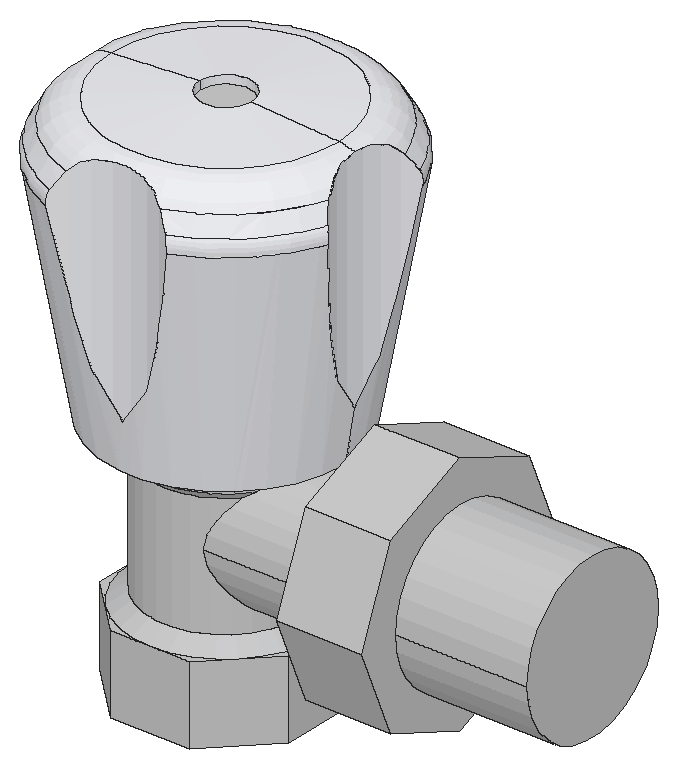
Revit family "PA_Арматура трубопроводов [Клапан регулирующий угловой компактный, VT.007.LN]1 - VALTEC", category Арматура трубопроводов, Revit 2018
Family settings
  Размер круглого соединителя = Использовать диаметр
  Тип детали = Вставляется
  На основе рабочей плоскости = Нет
  Всегда вертикально = Да
  При загрузке вырезать с полостями = Нет
  Общий = Нет
Parameters (values of type "VT.007.LN")
  Таблица 2 = "PA_Арматура трубопроводов [Клапан регулирующий угловой компактный, VT.007.LN] - VALTEC - Таблица 2"  # constant formula
  Таблица 1 = "PA_Арматура трубопроводов [Клапан регулирующий угловой компактный, VT.007.LN] - VALTEC - Таблица 1"  # constant formula
  Материал доп.1 = Пластик белый - VALTEC
  Изготовитель = "VALTEC"  # constant formula
  d8 [instance] = size_lookup(Таблица 1, "d8", 0 mm, d)  # 21.8 mm
  d7 [instance] = size_lookup(Таблица 1, "d7", 0 mm, d)  # 32.7 mm
  d6 [instance] = size_lookup(Таблица 1, "d6", 0 mm, d)  # 25.6 mm
  b6 [instance] = size_lookup(Таблица 1, "b6", 0 mm, d)  # 0.8 mm
  b5 [instance] = size_lookup(Таблица 1, "b5", 0 mm, d)  # 2.4 mm
  b4 [instance] = size_lookup(Таблица 1, "b4", 0 mm, d)  # 0.8 mm
  b3 [instance] = size_lookup(Таблица 1, "b3", 0 mm, d)  # 16.3 mm
  a5 [instance] = size_lookup(Таблица 1, "a5", 0 mm, d)  # 11.8 mm
  a4 [instance] = size_lookup(Таблица 1, "a4", 0 mm, d)  # 5.9 mm
  D [instance] = size_lookup(Таблица 1, "D", 0 mm, d)  # 22 mm
  C [instance] = size_lookup(Таблица 1, "C", 0 mm, d)  # 19 mm
  B [instance] = size_lookup(Таблица 1, "B", 0 mm, d)  # 45 mm
  b2 [instance] = size_lookup(Таблица 1, "b2", 0 mm, d)  # 1.6 mm
  d5 [instance] = size_lookup(Таблица 1, "d5", 0 mm, d)  # 18.6 mm
  d4 [instance] = size_lookup(Таблица 1, "d4", 0 mm, d)  # 23.1 mm
  d3 [instance] = size_lookup(Таблица 1, "d3", 0 mm, d)  # 21.6 mm
  d2 [instance] = size_lookup(Таблица 1, "d2", 0 mm, d)  # 20.5 mm
  d1 [instance] = size_lookup(Таблица 1, "d1", 0 mm, d)  # 25.3 mm
  d [instance] = 15 mm
  b1 [instance] = size_lookup(Таблица 1, "b1", 0 mm, d)  # 10.4 mm
  a3 [instance] = size_lookup(Таблица 1, "a3", 0 mm, d)  # 11.4 mm
  a2 [instance] = size_lookup(Таблица 1, "a2", 0 mm, d)  # 1.3 mm
  a1 [instance] = size_lookup(Таблица 1, "a1", 0 mm, d)  # 18.6 mm
  URL = "https://valtec.ru/"
  ADSK_Расход жидкости [instance] = 0.0 L/s
  ADSK_Примечание [instance] = ""
  ADSK_Потеря давления жидкости [instance] = 0.0 Pa
  ADSK_Позиция [instance] = ""
  ADSK_Обозначение [instance] = "VT.007.LN"  # constant formula
  ADSK_Наименование [instance] = size_lookup(Таблица 1, "", "Данный типоразмер отсутствует", d)  # "Клапан регулирующий угловой компактный, 1/2\""
  ADSK_Материал = Сталь, нержавеющая - VALTEC
  ADSK_Масса [instance] = if(d = 15 mm, 0.18, if(d = 20 mm, 0.31, 0))  # 0.18
  ADSK_Марка [instance] = size_lookup(Таблица 2, "", "Данный типоразмер отсутствует", d)  # "VT.007.LN.04"
  ADSK_Код изделия [instance] = size_lookup(Таблица 2, "", "Данный типоразмер отсутствует", d)  # "VT.007.LN.04"
  ADSK_Завод-изготовитель [instance] = Изготовитель  # "VALTEC"
  ADSK_Единица измерения [instance] = "шт."  # constant formula
  ADSK_URL страницы изделия = "https://valtec.ru/catalog/radiatornaya_armatura/ruchnye_klapany_dlya_radiatorov/klapan_reguliruyushij_uglovoj_vt007ln.html"
  ADSK_URL документации изделия = "https://valtec.ru/document/technical/VT.007-008-ln-0419.pdf"
  A [instance] = size_lookup(Таблица 1, "A", 0 mm, d)  # 49 mm
Reference planes
  plane 1 "По центру (Вперед/Назад)": y = 0
  plane 2: z = 0
  plane 3 "По центру (Влево/Вправо)": x = 0
  plane 4: x = -19
  plane 5: z = -22
  plane 6: x = 49
  plane 7: z = -11.6
  plane 8: z = -10
  plane 9: z = 6.3
  plane 10: z = 7.1
  plane 11: z = 9.5
  plane 12: z = 10.3
  plane 13: x = 19.9
  plane 14: x = 31.3
  plane 15: x = 37.2
  plane 16: x = 49
  plane 17: x = 18.6
Forms (mm)
  Blend 1, solid, material "Сталь, нержавеющая - VALTEC" <- "ADSK_Материал", detail levels medium+fine
    base sketch origin (0, 0, 0) x (1, 0, 0) y (0, 1, 0)
      loop
        circle (0, 0) r 12.65
    top sketch origin (0, 0, 0) x (1, 0, 0) y (0, 1, 0)
      loop
        circle (0, 0) r 10.25
    from -11.6 to -10
  Extrusion 2, solid, material "Сталь, нержавеющая - VALTEC" <- "ADSK_Материал", detail levels medium+fine
    sketch origin (0, 0, 0) x (1, 0, 0) y (0, 1, 0)
      loop
        circle (0, 0) r 10.25
    from 6.3 to -10
  Blend 3, solid, material "Сталь, нержавеющая - VALTEC" <- "ADSK_Материал", detail levels medium+fine
    base sketch origin (0, 0, 0) x (1, 0, 0) y (0, 1, 0)
      loop
        circle (0, 0) r 10.25
    top sketch origin (0, 0, 0) x (1, 0, 0) y (0, 1, 0)
      loop
        circle (0, 0) r 10.8
    from 6.3 to 7.1
  Extrusion 4, solid, material "Сталь, нержавеющая - VALTEC" <- "ADSK_Материал", detail levels medium+fine
    sketch origin (0, 0, 0) x (1, 0, 0) y (0, 1, 0)
      loop
        circle (0, 0) r 10.8
    from 7.1 to 9.5
  Blend 5, solid, material "Сталь, нержавеющая - VALTEC" <- "ADSK_Материал", detail levels medium+fine
    base sketch origin (0, 0, 0) x (1, 0, 0) y (0, 1, 0)
      loop
        circle (0, 0) r 10.8
    top sketch origin (0, 0, 0) x (1, 0, 0) y (0, 1, 0)
      loop
        circle (0, 0) r 11.55
    from 9.5 to 10.3
  Extrusion 6, solid, material "Сталь, нержавеющая - VALTEC" <- "ADSK_Материал", detail levels medium+fine
    sketch origin (0, 0, 0) x (0, 1, 0) y (0, 0, 1)
      loop
        circle (0, 0) r 9.3
    from 0 to 18.6
  Blend 7, solid, material "Сталь, нержавеющая - VALTEC" <- "ADSK_Материал", detail levels medium+fine
    base sketch origin (0, 0, 0) x (0, 1, 0) y (0, 0, 1)
      loop
        circle (0, 0) r 9.3
    top sketch origin (0, 0, 0) x (0, 1, 0) y (0, 0, 1)
      loop
        circle (0, 0) r 12.8
    from 18.6 to 19.9
  Extrusion 8, solid, material "Сталь, нержавеющая - VALTEC" <- "ADSK_Материал", detail levels medium+fine
    sketch origin (0, 0, 0) x (0, 1, 0) y (0, 0, 1)
      loop
        circle (0, 0) r 10.9
    from 31.3 to 49
Cuts and joins
  joined: Blend 1, Extrusion 2, Blend 3, Extrusion 4, Blend 5, Extrusion 6, Blend 7, Extrusion 8
Lines and regions (mm)
  reference lines
    curve 1: line (0, 0, 0) -> (0, 0, -22)
    curve 2: line (0, 0, 0) -> (37.2, 0, 0)
  model lines, detail levels coarse
    curve 3: line (-15, 0, -22) -> (15, 0, -22)
    curve 4: line (15, 0, -22) -> (0, 0, 0)
    curve 5: line (0, 0, 0) -> (-15, 0, -22)
    curve 6: line (22, 0, -15) -> (22, 0, 15)
    curve 7: line (22, 0, 15) -> (0, 0, 0)
    curve 8: line (0, 0, 0) -> (22, 0, -15)
    curve 9: line (22, 0, 0) -> (37.2, 0, 0)
    curve 16: line (0, 0, 45) -> (0, 0, 0)
    curve 17: line (0, 0, 0) -> (-10, 0, 17.321)
    curve 18: line (0, 0, 0) -> (10, 0, 17.321)
  symbolic lines, detail levels coarse
    curve 10: line (-15, -22, 0) -> (15, -22, 0)
    curve 11: line (22, -15, 0) -> (22, 15, 0)
    curve 12: line (-15, -22, 0) -> (0, 0, 0)
    curve 13: line (15, -22, 0) -> (0, 0, 0)
    curve 14: line (0, 0, 0) -> (22, 15, 0)
    curve 15: line (22, -15, 0) -> (0, 0, 0)
    curve 19: line (0, 0, 0) -> (0, 45, 0)
    curve 20: line (0, 0, 0) -> (-10, 17.321, 0)
    curve 21: line (0, 0, 0) -> (10, 17.321, 0)
Dimensions and locks
  "C": plane 3 "По центру (Влево/Вправо)" to plane 4
  "D": plane 2 to plane 5
  "A": plane 3 "По центру (Влево/Вправо)" to plane 6
  "b1": plane 7 to plane 5
  "b2": plane 8 to plane 7
  "b3": plane 9 to plane 8
  "b4": plane 10 to plane 9
  "b5": plane 11 to plane 10
  "b6": plane 12 to plane 11
  "a1": plane 17 to plane 3 "По центру (Влево/Вправо)"
  "a2": plane 17 to plane 13
  "a3": plane 13 to plane 14
  "a4": plane 14 to plane 15
  "a5": plane 15 to plane 16
  "D": curve 6 to plane 3 "По центру (Влево/Вправо)"
  "D": plane 3 "По центру (Влево/Вправо)" to curve 11
  "D": curve 10 to plane 1 "По центру (Вперед/Назад)"
  locked: plane 3 "По центру (Влево/Вправо)" to curve 5 at 15
  locked: curve 4 to plane 3 "По центру (Влево/Вправо)" at 15
  locked: curve 7 to level at 15
  locked: level to curve 8 at 15
  locked: curve 12 to plane 3 "По центру (Влево/Вправо)" at 15
  locked: plane 3 "По центру (Влево/Вправо)" to curve 13 at 15
  locked: plane 1 "По центру (Вперед/Назад)" to curve 14 at 15
  locked: curve 15 to plane 1 "По центру (Вперед/Назад)" at 15
  "B": curve 16 to curve 16
  "B": plane 1 "По центру (Вперед/Назад)" to curve 19
  "d1": diameter of Blend 1 sketch curve
  "d2": diameter of Blend 1 sketch curve
  "d2": diameter of Extrusion 2 sketch curve
  "d2": diameter of Blend 3 sketch curve
  "d3": diameter of Blend 3 sketch curve
  "d3": diameter of Extrusion 4 sketch curve
  "d3": diameter of Blend 5 sketch curve
  "d4": diameter of Blend 5 sketch curve
  "d5": diameter of Extrusion 6 sketch curve
  "d5": diameter of Blend 7 sketch curve
  "d6": diameter of Blend 7 sketch curve
  "d8": diameter of Extrusion 8 sketch curve
  locked: plane 3 "По центру (Влево/Вправо)" to curve 17 (angle 30.00°)
  locked: curve 18 to plane 3 "По центру (Влево/Вправо)" (angle 30.00°)
  locked: plane 3 "По центру (Влево/Вправо)" to curve 20 (angle 30.00°)
  locked: curve 21 to plane 3 "По центру (Влево/Вправо)" (angle 30.00°)
  aligned and locked: level to plane 2
  aligned and locked: plane 1 "По центру (Вперед/Назад)" to Blend 1 sketch curve  (x2)
  aligned and locked: plane 3 "По центру (Влево/Вправо)" to Blend 1 sketch curve  (x2)
  aligned and locked: plane 1 "По центру (Вперед/Назад)" to Extrusion 2 sketch curve
  aligned and locked: plane 3 "По центру (Влево/Вправо)" to Extrusion 2 sketch curve
  aligned and locked: plane 3 "По центру (Влево/Вправо)" to Blend 3 sketch curve  (x2)
  aligned and locked: plane 1 "По центру (Вперед/Назад)" to Blend 3 sketch curve  (x2)
  aligned and locked: plane 3 "По центру (Влево/Вправо)" to Extrusion 4 sketch curve
  aligned and locked: plane 1 "По центру (Вперед/Назад)" to Extrusion 4 sketch curve
  aligned and locked: plane 8 to Blend 1
  aligned and locked: Blend 1 to plane 7
  aligned and locked: plane 8 to Extrusion 2
  aligned and locked: plane 9 to Extrusion 2
  aligned and locked: plane 9 to Blend 3
  aligned and locked: plane 10 to Blend 3
  aligned and locked: plane 10 to Extrusion 4
  aligned and locked: plane 11 to Extrusion 4
  aligned and locked: plane 1 "По центру (Вперед/Назад)" to Blend 5 sketch curve  (x2)
  aligned and locked: plane 3 "По центру (Влево/Вправо)" to Blend 5 sketch curve  (x2)
  aligned and locked: Blend 5 to plane 11
  aligned and locked: plane 12 to Blend 5
  aligned and locked: level to Extrusion 6 sketch curve
  aligned and locked: plane 1 "По центру (Вперед/Назад)" to Extrusion 6 sketch curve
  aligned and locked: plane 1 "По центру (Вперед/Назад)" to Blend 7 sketch curve  (x2)
  aligned and locked: level to Blend 7 sketch curve  (x2)
  aligned and locked: plane 1 "По центру (Вперед/Назад)" to Extrusion 8 sketch curve
  aligned and locked: level to Extrusion 8 sketch curve
  aligned and locked: Extrusion 6 to plane 3 "По центру (Влево/Вправо)"
  aligned and locked: Extrusion 6 to plane 17
  aligned and locked: plane 14 to Extrusion 8
  aligned and locked: Extrusion 8 to plane 16
  aligned and locked: plane 17 to Blend 7
  aligned and locked: Blend 7 to plane 13
  aligned and locked: plane 1 "По центру (Вперед/Назад)" to nested 1
  aligned and locked: plane 13 to nested 1
  aligned and locked: nested 2 to plane 5
  aligned and locked: nested 3 to plane 12
  aligned and locked: plane 15 to curve 2
  aligned and locked: level to curve 1
  aligned and locked: plane 5 to curve 1
  aligned and locked: curve 1 to plane 3 "По центру (Влево/Вправо)"
  aligned and locked: plane 15 to curve 9
  aligned and locked: curve 3 to plane 5
  aligned and locked: nested 2 to plane 3 "По центру (Влево/Вправо)"
  aligned and locked: nested 3 to plane 1 "По центру (Вперед/Назад)"
  aligned and locked: level to curve 16
  aligned and locked: curve 16 to plane 3 "По центру (Влево/Вправо)"
  aligned and locked: plane 1 "По центру (Вперед/Назад)" to curve 19
  aligned and locked: plane 3 "По центру (Влево/Вправо)" to curve 19
Automatic sketch dimensions
  curve 9 to level = 0 mm
Nested families
  nested 1: "Гайка - горизонталь" at (25.6, 0, 0), d3 <- "d7", B <- "a3", ADSK_Материал <- "ADSK_Материал", type "Гайка - горизонталь", detail levels medium+fine
    with hr 30.211 mm, d3 32.7 mm, B 11.4 mm, ADSK_Материал Сталь, нержавеющая - VALTEC
  nested 2: "Гайка - вертикаль" at (0, 0, -22) x (0.9239, -0.3827, 0) z (0, 0, 1), ADSK_Материал <- "ADSK_Материал", d <- "d1", h <- "b1", type "Гайка - вертикаль", detail levels medium+fine
    with h 10.4 mm, d 25.3 mm, ADSK_Материал Сталь, нержавеющая - VALTEC
  nested 3: "MM_Обобщенные модели [колпачок, VT.004.N] - VALTEC" at (0, 0, 10.3), type "VT.TE3042.0", detail levels medium+fine
Connectors
  piping at (0, 0, -22), diameter 15, driven by "d", driven by "ADSK_Расход жидкости", driven by "ADSK_Потеря давления жидкости"
    settings: on curve 1, index 1, connector inside diameter 609.6 mm, connector length 0 mm, flow factor 0, pipe flow 0.0 L/s, pressure drop 0.0 Pa, fitting loss kfactor 0, connector angle 0.00°, fixture units 0, engagement length 0 mm, angle of deflection 0.00°, flow configuration 0, flow direction 0, fitting loss method 4, system type 29, joint type 0, gender type 0, connector reference index 2, connector utility 0, adjustable connector no, is connector primary no, connector description ""
  piping at (37.2, 0, 0), diameter 15, driven by "d", driven by "ADSK_Расход жидкости"
    settings: on curve 9, index 2, connector inside diameter 609.6 mm, connector length 0 mm, flow factor 0, pipe flow 0.0 L/s, pressure drop 0.0 Pa, fitting loss kfactor 0, connector angle 0.00°, fixture units 0, engagement length 0 mm, angle of deflection 0.00°, flow configuration 0, flow direction 0, fitting loss method 0, system type 29, joint type 0, gender type 0, connector reference index 1, connector utility 0, adjustable connector no, is connector primary yes, connector description ""
Definition of nested family "Гайка - горизонталь"
  Parameters (values of type "Гайка - горизонталь")
    hr [instance] = d3 / 2 * cos(180.00° / 8) * 2  # 588.881 mm
    d3 [instance] = 637.4 mm
    B [instance] = 637.4 mm
    ADSK_Материал [instance] = none
  Reference planes
    plane 1 "По центру (Вперед/Назад)": y = 0
    plane 2: z = 0
    plane 3 "По центру (Влево/Вправо)": x = 0
    plane 4: y = 318.7
    plane 5: y = -318.7
    plane 6: through (0, -912.519, 2972.425) normal (0, -0.9239, -0.3827)
    plane 7: through (0, -1234.338, 2979.956) normal (0, -0.9239, -0.3827)
    plane 8: through (0, -1556.157, 2987.486) normal (0, -0.9239, -0.3827)
    plane 9: through (0, 1234.338, 2979.956) normal (0, -0.9239, 0.3827)
    plane 10: through (0, -2420.114, 1321.144) normal (0, -0.3827, -0.9239)
    plane 11: through (0, -2532.792, 1049.117) normal (0, -0.3827, -0.9239)
    plane 12: through (0, -2645.469, 777.089) normal (0, -0.3827, -0.9239)
    plane 13: through (0, 2420.114, 1321.144) normal (0, -0.3827, 0.9239)
    plane 14: through (0, 2532.792, 1049.117) normal (0, -0.3827, 0.9239)
    plane 15: through (0, 2645.469, 777.089) normal (0, -0.3827, 0.9239)
    plane 16: through (0, 912.519, 2972.425) normal (0, -0.9239, 0.3827)
    plane 17: through (0, 1234.338, 2979.956) normal (0, -0.9239, 0.3827)
    plane 18: through (0, 1556.157, 2987.486) normal (0, -0.9239, 0.3827)
    plane 19: x = 318.7
    plane 20: x = -318.7
  Forms (mm)
    Extrusion 1, solid, material <- "ADSK_Материал"
      sketch origin (0, 0, 0) x (0, 1, 0) y (0, 0, 1)
        loop
          line (0, 318.7) -> (-225.355, 225.355) -> (-318.7, 0) -> (-225.355, -225.355) -> (0, -318.7) -> (225.355, -225.355) -> (318.7, 0) -> (225.355, 225.355) -> (0, 318.7)
      from -318.7 to 318.7
  Dimensions and locks
    equal spacing: plane 4, plane 1 "По центру (Вперед/Назад)", plane 5
    "d3": plane 4 to plane 5
    equal spacing: plane 8, plane 7, plane 6
    "hr": plane 8 to plane 6
    equal spacing: plane 12, plane 11, plane 10
    "hr": plane 12 to plane 10
    equal spacing: plane 15, plane 14, plane 13
    "hr": plane 15 to plane 13
    equal spacing: plane 18, plane 17, plane 16
    "hr": plane 18 to plane 16
    equal spacing: plane 20, plane 3 "По центру (Влево/Вправо)", plane 19
    "B": plane 20 to plane 19
    aligned and locked: level to plane 2
    aligned and locked: plane 10 to Extrusion 1 sketch curve
    aligned and locked: plane 13 to Extrusion 1 sketch curve
    aligned and locked: plane 16 to Extrusion 1 sketch curve
    aligned and locked: Extrusion 1 sketch curve to plane 8
    aligned and locked: Extrusion 1 sketch curve to plane 12
    aligned and locked: Extrusion 1 sketch curve to plane 15
    aligned and locked: Extrusion 1 sketch curve to plane 18
    aligned and locked: plane 6 to Extrusion 1 sketch curve
    aligned and locked: plane 19 to Extrusion 1
    aligned and locked: plane 20 to Extrusion 1
    aligned and locked: Extrusion 1 to plane 19
Definition of nested family "Гайка - вертикаль"
  Parameters (values of type "Гайка - вертикаль")
    h [instance] = 7.5 mm
    d [instance] = 11.918 mm
    ADSK_Материал [instance] = none
  Reference planes
    plane 1 "По центру (Вперед/Назад)": y = 0
    plane 2: z = 0
    plane 3 "По центру (Влево/Вправо)": x = 0
    plane 4: x = -6.45
    plane 5: x = 6.45
    plane 6: through (737.894, 1797.006, 1200) normal (0.9239, -0.3827, 0)
    plane 7: through (765.367, 1847.759, 1200) normal (0.9239, -0.3827, 0)
    plane 8: through (792.839, 1898.512, 1200) normal (0.9239, -0.3827, 0)
    plane 9: through (-737.894, 1797.006, 1200) normal (0.9239, 0.3827, 0)
    plane 10: through (-765.367, 1847.759, 1200) normal (0.9239, 0.3827, 0)
    plane 11: through (-792.839, 1898.512, 1200) normal (0.9239, 0.3827, 0)
    plane 12: through (1845.479, 770.872, 1200) normal (0.3827, -0.9239, 0)
    plane 13: through (1847.759, 765.367, 1200) normal (0.3827, -0.9239, 0)
    plane 14: through (1850.039, 759.861, 1200) normal (0.3827, -0.9239, 0)
    plane 15: through (-1845.479, 770.872, 1200) normal (0.3827, 0.9239, 0)
    plane 16: through (-1847.759, 765.367, 1200) normal (0.3827, 0.9239, 0)
    plane 17: through (-1850.039, 759.861, 1200) normal (0.3827, 0.9239, 0)
    plane 18: z = 7.5
  Forms (mm)
    Extrusion 1, solid, material <- "ADSK_Материал"
      sketch origin (0, 0, 0) x (1, 0, 0) y (0, 1, 0)
        loop
          line (0, 6.45) -> (-4.561, 4.561) -> (-6.45, 0) -> (-4.561, -4.561) -> (0, -6.45) -> (4.561, -4.561) -> (6.45, 0) -> (4.561, 4.561) -> (0, 6.45)
      from 0 to 7.5
  Lines and regions (mm)
    reference lines
      curve 1: line (-5.505, -2.28, 0) -> (5.505, 2.28, 0)
      curve 2: line (-2.28, 5.505, 0) -> (2.28, -5.505, 0)
  Dimensions and locks
    equal spacing: plane 4, plane 3 "По центру (Влево/Вправо)", plane 5
    locked: plane 4 to plane 5 at 12.9
    equal spacing: plane 6, plane 7, plane 8
    "d": plane 6 to plane 8
    equal spacing: plane 9, plane 10, plane 11
    "d": plane 9 to plane 11
    equal spacing: plane 12, plane 13, plane 14
    "d": plane 12 to plane 14
    equal spacing: plane 15, plane 16, plane 17
    "d": plane 15 to plane 17
    "h": plane 18 to plane 2
    aligned and locked: level to plane 2
    aligned and locked: plane 12 to Extrusion 1 sketch curve
    aligned and locked: plane 15 to Extrusion 1 sketch curve
    aligned and locked: plane 9 to Extrusion 1 sketch curve
    aligned and locked: Extrusion 1 sketch curve to plane 8
    aligned and locked: Extrusion 1 sketch curve to plane 14
    aligned and locked: Extrusion 1 sketch curve to plane 17
    aligned and locked: Extrusion 1 sketch curve to plane 11
    aligned and locked: plane 6 to Extrusion 1 sketch curve
    aligned and locked: plane 18 to Extrusion 1
    aligned and locked: plane 12 to curve 2
    aligned and locked: plane 14 to curve 2
    aligned and locked: plane 9 to curve 1
    aligned and locked: plane 11 to curve 1
    aligned and locked: curve 1 to plane 13
    aligned and locked: curve 2 to plane 10
Definition of nested family "MM_Обобщенные модели [колпачок, VT.004.N] - VALTEC"
  Parameters (values of type "VT.TE3042.0")
    Материал доп.1 = none
    Manufacturer = ""
    URL = ""
    ADSK_Материал = none
  Reference planes
    plane 1 "По центру (Вперед/Назад)": y = 0
    plane 2: z = 0
    plane 3 "По центру (Влево/Вправо)": x = 0
    plane 4: z = 39.2
    plane 5: y = 5.5
    plane 6: y = -5.5
    plane 7: x = -24.5
    plane 8: z = 32.2
    plane 9: x = 18.75
    plane 10: x = 24.5
    plane 11: x = -18.75
  Forms (mm)
    Revolve 1, solid, material <- "ADSK_Материал"
      sketch origin (0, 0, 0) x (1, 0, 0) y (0, 0, 1)
        loop
          line (-15.966, 0) -> (0, 0) -> (0, 39.2) -> (-15.187, 38.258)
          arc (-15.187, 38.258) -> (-17.897, 37.417) -> (-19.878, 35.383) r 5.765
          line (-19.878, 35.383) -> (-21.168, 33.149)
          arc (-21.168, 33.149) -> (-21.525, 32.167) -> (-21.523, 31.121) r 3
          line (-21.523, 31.121) -> (-15.966, 0)
        axis (0, 39.2) -> (0, 0)
      angle from 0 to 360
    Extrusion 2, void
      sketch origin (0, -2.442, 0) x (1, 0, 0) y (0, 1, 0)
        loop
          circle (0, -27.826) r 13.056
      from 0 to 41.042
    Extrusion 3, void
      sketch origin (-2.466, 0, 0) x (0, -1, 0) y (1, 0, 0)
        loop
          circle (0, -27.826) r 13.056
      from 0 to 41.042
    Extrusion 4, void
      sketch origin (0, 2.466, 0) x (-1, 0, 0) y (0, -1, 0)
        loop
          circle (0, -27.826) r 13.056
      from 0 to 41.042
    Extrusion 5, void
      sketch origin (2.466, 0, 0) x (0, 1, 0) y (-1, 0, 0)
        loop
          circle (0, -27.826) r 13.056
      from 0 to 41.042
    Extrusion 6, void
      sketch origin (0, 0, 0) x (1, 0, 0) y (0, 1, 0)
        loop
          circle (0, 0) r 3.5
      from 36.308 to 47.554
    Extrusion 7, solid, material <- "Материал доп.1"
      sketch origin (0, 0, 0) x (1, 0, 0) y (0, 1, 0)
        loop
          circle (0, 0) r 3.3
      from 36.308 to 37.996
  Cuts and joins
    Extrusion 2, Extrusion 3, Extrusion 4, Extrusion 5, Extrusion 6 cuts Revolve 1
  Lines and regions (mm)
    reference lines
      curve 1: line (0, 0, 0) -> (0, 0, 25)
      curve 2: line (0, -12.5, 0) -> (0, 12.5, 0)
      curve 3: line (12.5, 0, 0) -> (-12.5, 0, 0)
  Dimensions and locks
    plane 6 to plane 1 "По центру (Вперед/Назад)" to plane 5 = 5.5 mm locked, 5.5 mm locked
    locked: plane 3 "По центру (Влево/Вправо)" to plane 7 at 24.5
    locked: plane 9 to plane 3 "По центру (Влево/Вправо)" at 18.75
    locked: plane 4 to plane 2 at 39.2
    locked: plane 4 to plane 8 at 7
    locked: plane 3 "По центру (Влево/Вправо)" to plane 10 at 24.5
    locked: plane 11 to plane 3 "По центру (Влево/Вправо)" at 18.75
    aligned and locked: level to plane 2
    aligned and locked: level to Revolve 1 sketch curve
    aligned and locked: plane 4 to Revolve 1 sketch curve
    aligned and locked: Revolve 1 sketch curve to plane 3 "По центру (Влево/Вправо)"  (x2)
